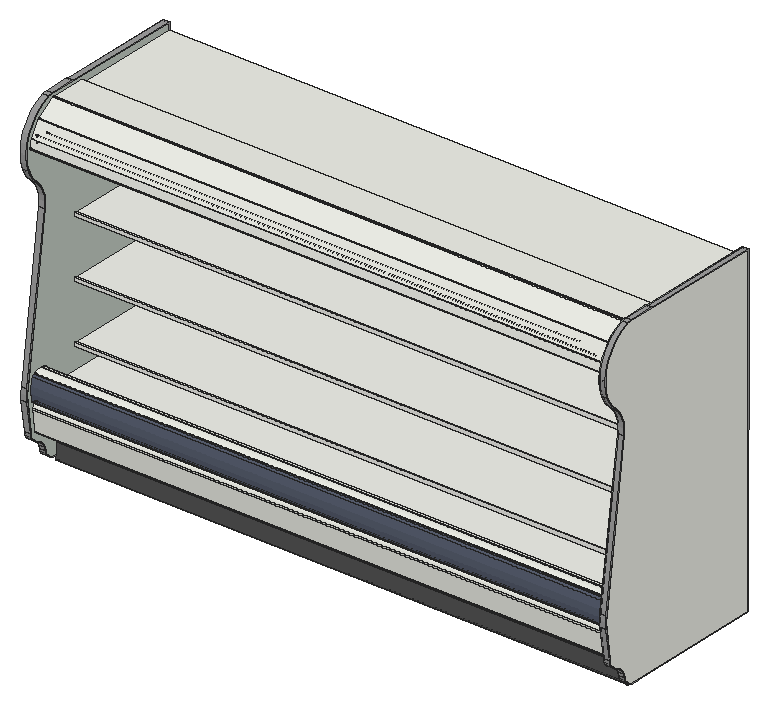
Revit family "ID5SM_2014", category Specialty Equipment, Revit 2014
Parameters (values of type "12'-0" Length")
  Width = 144 3/8"
  Waste Outlet Location = if(Width = 48 1/8", 24", if(Width = 72 1/4", 24", if(Width = 96 1/4", 24", if(Width = 144 3/8", 72", 0"))))  # 72"
  Waste Drain = 1 1/4"  # constant formula
  URL = "www.hussmann.com"
  Type Comments = ""
  Trim = Stainless Steel
  Total Weight = Case Weight + (2 * End Weight)  # 1300.00 lbf
  Top Clearance = 1 1/2"  # constant formula
  Supports = Width = 144 3/8"  # yes
  Splashguard = Textured Sheet Metal (Steel Painted) - 701 Black
  Side Panel - Right [instance] = yes
  Side Panel - Left [instance] = yes
  Shelves = Sheet Metal (Steel Painted) - 700 Interior White
  Shelf Lights [instance] = yes
  Shelf = yes
  Revit Family Date = "11/24/2015"  # constant formula
  Refrigeration Lines Suction = 7/8"  # constant formula
  Refrigeration Lines Liquid = 3/8"  # constant formula
  Refrig. Suction = "Suction"
  Refrig. Liquid = "Liquid"
  Number of Shelves = 4  # constant formula
  Note from Manufacturer = "This model only comes in 4'-0\", 6'-0\", 8'-0\", and 12'-0\" lengths."
  Model = "ID5SM"  # constant formula
  Manufacturer Disclaimer = "The information in this file is not intended to be an exact representation of the corresponding Hussmann product.  Further, we reserve the right to change or revise specifications and product design in connection with any feature of our products. Such changes do not entitle the buyer to corresponding changes, improvements, additions, or replacements for equipment previously sold or shipped."  # constant formula
  Manufacturer = "Hussmann Corporation"  # constant formula
  Height = 84 1/4"  # constant formula
  Ends = Textured Sheet Metal (Steel Painted) - 149 White Satin Matte
  End Weight = 100.00 lbf  # constant formula
  Description = ""
  Depth = 43 1/2"  # constant formula
  Clearance [instance] = no
  Center Support 1 = Width = 72 1/4"  # no
  Center Support 2 = Width = 96 1/4"  # no
  Case Weight = if(Width = 48 1/8", 700.00 lbf, if(Width = 72 1/4", 850.00 lbf, if(Width = 96 1/4", 1000.00 lbf, if(Width = 144 3/8", 1100.00 lbf, 0.00 lbf))))  # 1100.00 lbf
  Case Interior - Side Panel = Mirror
  Case Interior - Back Panel = Sheet Metal (Steel Painted) - 700 Interior White
  Case = Textured Sheet Metal (Steel Painted) - 149 White Satin Matte
  Bumper = Extruded PVC - 739 Royal Blue
  Back Clearance = 1 1/2"  # constant formula
  Assembly Code = ""
  Accessories/Options = ""
Reference planes (in)
  plane 1 "Back": y = 0
  plane 2 "Bottom": z = 0
  plane 3 "Top": z = 84.25
  plane 4 "Left": x = -77.30699
  plane 5 "Front": y = -43.5
  plane 6 "Center (Left/Right)": x = -5.11949
  plane 7: y = 1.5
  plane 8: x = -78.80699
  plane 9 "Right": x = 67.06801
  plane 10: x = 68.56801
  plane 11: z = 24
  plane 12: z = 68
  plane 13: z = 85.75
Forms (in)
  Extrusion 1, solid, material "Metal - Copper"
    sketch origin (63.0625, 1.04319, 0) x (1, 0, 0) y (0, 1, 0)
      loop
        arc (-67.99449, -33.91968) -> (-68.43643, -34.10274) -> (-68.61949, -34.54468) r 0.625
        arc (-68.61949, -34.54468) -> (-68.43643, -34.98662) -> (-67.99449, -35.16968) r 0.625
        arc (-67.99449, -35.16968) -> (-67.55254, -34.98662) -> (-67.36949, -34.54468) r 0.625
        arc (-67.36949, -34.54468) -> (-67.55254, -34.10274) -> (-67.99449, -33.91968) r 0.625
      loop
        circle (-67.99449, -34.54468) r 0.5852
    from 5.83681 to 0
  Extrusion 2, solid, material "Metal - Copper"
    sketch origin (57.40105, 5, -0.375) x (1, 0, 0) y (0, 1, 0)
      loop
        circle (0.87299, -33.71552) r 0.41359
      loop
        circle (0.87299, -33.71552) r 0.4375
    from 6.21181 to 0.375
  Extrusion 3, solid, material "Metal - Copper"
    sketch origin (59.82608, 5, -0.375) x (1, 0, 0) y (0, 1, 0)
      loop
        circle (-0.92704, -33.71552) r 0.17188
      loop
        circle (-0.92704, -33.71552) r 0.1875
    from 6.21181 to 0.375
  Extrusion 4, solid, material "Extruded PVC - 739 Royal Blue" <- "Bumper"
    sketch origin (-5.11949, 0, 0) x (0, 1, 0) y (0, 0, 1)
      loop
        line (-42.06364, 22.25458) -> (-42.24117, 22.66821) -> (-42.29352, 22.66821)
        arc (-42.29352, 22.66821) -> (-42.45612, 22.6434) -> (-42.61315, 22.59442) r 1.09071
        arc (-42.61315, 22.59442) -> (-42.90263, 22.41495) -> (-43.11188, 22.14621) r 0.96652
        arc (-43.11188, 22.14621) -> (-43.54736, 19.36628) -> (-43.11188, 16.58635) r 9.09066
        arc (-43.11188, 16.58635) -> (-42.90263, 16.31761) -> (-42.61315, 16.13814) r 0.96652
        arc (-42.61315, 16.13814) -> (-42.58068, 16.12585) -> (-42.54783, 16.11459) r 1.09071
        arc (-42.54783, 16.11459) -> (-42.48276, 16.11013) -> (-42.42329, 16.1369) r 0.13406
        line (-42.42329, 16.1369) -> (-42.06364, 16.49655) -> (-42.06364, 22.25458)
    from 72.1875 to -72.1875
  Extrusion 5, solid, material "Sheet Metal (Steel Painted) - 700 Interior White" <- "Shelves"
    sketch origin (-5.11949, 0, 0) x (0, 1, 0) y (0, 0, 1)
      loop
        line (-36.37259, 17.80485) -> (-36.37259, 17.31864) -> (-36.77772, 17.31864)
        arc (-36.77772, 17.31864) -> (-36.87626, 17.30567) -> (-36.96809, 17.26764) r 0.38073
        line (-36.96809, 17.26764) -> (-37.11188, 17.18462) -> (-37.11188, 16.79819) -> (-37.06655, 16.79819) -> (-36.78399, 16.96132) -> (-35.38688, 16.96132) -> (-35.38688, 17.18878) -> (-10.12574, 17.18878) -> (-10.12574, 17.33368) -> (-9.48404, 17.33368) -> (-9.48404, 16.97586) -> (-8.56986, 16.97586) -> (-8.28645, 16.81223) -> (-8.2381, 16.81223) -> (-8.2381, 17.20204) -> (-8.3761, 17.28171)
        arc (-8.3761, 17.28171) -> (-8.46787, 17.31973) -> (-8.56634, 17.33269) r 0.38049
        line (-8.56634, 17.33269) -> (-9.14496, 17.33368)
        arc (-9.14496, 17.33368) -> (-9.0296, 17.38146) -> (-8.98182, 17.49681) r 0.16314
        arc (-8.98182, 17.49681) -> (-9.0296, 17.61217) -> (-9.14496, 17.65995) r 0.16314
        line (-9.14496, 17.65995) -> (-9.27223, 17.75781) -> (-10.12574, 17.75781) -> (-10.12574, 17.80485) -> (-36.37259, 17.80485)
      loop
        line (-37.07349, 14.23639) -> (-36.07658, 14.36366)
        arc (-36.07658, 14.36366) -> (-35.91979, 14.44878) -> (-35.86124, 14.61742) r 0.24643
        arc (-35.86124, 14.61742) -> (-35.82279, 14.72871) -> (-35.71931, 14.78489) r 0.16264
        line (-35.71931, 14.78489) -> (-25.3253, 16.11179)
        arc (-25.3253, 16.11179) -> (-24.42957, 16.19734) -> (-23.53022, 16.2259) r 14.17557
        line (-23.53022, 16.2259) -> (-20.05164, 16.2259)
        arc (-20.05164, 16.2259) -> (-19.96233, 16.25262) -> (-19.90236, 16.32398) r 0.16264
        arc (-19.90236, 16.32398) -> (-19.84239, 16.39535) -> (-19.75308, 16.42206) r 0.16264
        line (-19.75308, 16.42206) -> (-8.52544, 16.42206)
        arc (-8.52544, 16.42206) -> (-8.41044, 16.37442) -> (-8.3628, 16.25942) r 0.16264
        line (-8.3628, 16.25942) -> (-8.3628, 15.90259)
        arc (-8.3628, 15.90259) -> (-8.29062, 15.72834) -> (-8.11637, 15.65616) r 0.24643
        line (-8.11637, 15.65616) -> (-7.79755, 15.65616) -> (-7.79755, 15.72812) -> (-8.04441, 15.72812)
        arc (-8.04441, 15.72812) -> (-8.21867, 15.80029) -> (-8.29084, 15.97455) r 0.24643
        line (-8.29084, 15.97455) -> (-8.29084, 16.45089)
        arc (-8.29084, 16.45089) -> (-8.32693, 16.53802) -> (-8.41406, 16.57411) r 0.12321
        line (-8.41406, 16.57411) -> (-19.82985, 16.57411)
        arc (-19.82985, 16.57411) -> (-19.91938, 16.54725) -> (-19.97934, 16.47553) r 0.16264
        arc (-19.97934, 16.47553) -> (-20.0393, 16.40382) -> (-20.12883, 16.37696) r 0.16264
        line (-20.12883, 16.37696) -> (-23.53022, 16.37696)
        arc (-23.53022, 16.37696) -> (-24.43916, 16.3481) -> (-25.34443, 16.26163) r 14.32663
        line (-25.34443, 16.26163) -> (-36.66451, 14.81652) -> (-36.71622, 14.80991)
        arc (-36.71622, 14.80991) -> (-36.81769, 14.75606) -> (-36.85826, 14.64858) r 0.16264
        line (-36.85826, 14.64858) -> (-36.85826, 14.48084)
        arc (-36.85826, 14.48084) -> (-36.91974, 14.31799) -> (-37.07349, 14.23639) r 0.24643
    from 72.1875 to -72.1875
  Extrusion 6, solid, material "Sheet Metal (Steel Painted) - 700 Interior White" <- "Case Interior - Back Panel"
    sketch origin (-5.11949, 0, 0) x (0, 1, 0) y (0, 0, 1)
      loop
        line (-32.13876, 76.46701) -> (-7.70304, 76.25376) -> (-7.70304, 16.99656) -> (-6.45743, 16.99805) -> (-6.45743, 76.61255) -> (-32.13553, 76.83664) -> (-32.13876, 76.46701)
    from 72.1875 to -72.1875
  Extrusion 7, solid, material "Textured Sheet Metal (Steel Painted) - 701 Black" <- "Splashguard"
    sketch origin (-5.11949, 0, 0) x (0, 1, 0) y (0, 0, 1)
      loop
        line (-35.53, 4.08973) -> (-35.53, 0.04906)
        arc (-35.53, 0.04906) -> (-35.50503, 0.00582) -> (-35.4551, 0.00582) r 0.04993
        line (-35.4551, 0.00582) -> (-35.38021, 0.04906) -> (-35.18205, 0.04906)
        arc (-35.18205, 0.04906) -> (-35.10246, 0) -> (-35.04167, 0.07104) r 0.07191
        line (-35.04167, 0.07104) -> (-35.04167, 4.37291)
        arc (-35.04167, 4.37291) -> (-35.06897, 4.41742) -> (-35.12102, 4.41326) r 0.04993
        line (-35.12102, 4.41326) -> (-35.50948, 4.13008)
        arc (-35.50948, 4.13008) -> (-35.52458, 4.11236) -> (-35.53, 4.08973) r 0.04993
    from 72.1875 to -72.1875
  Extrusion 8, solid, material "Sheet Metal (Steel Painted) - 700 Interior White" <- "Case Interior - Back Panel"
    sketch origin (-5.11949, 0, 0) x (0, 1, 0) y (0, 0, 1)
      loop
        arc (-41.8562, 74.41451) -> (-41.82752, 74.38583) -> (-41.79884, 74.41451) r 0.02868
        line (-41.79884, 74.41451) -> (-41.79884, 75.61797) -> (-40.87295, 75.61797) -> (-40.87295, 74.41739) -> (-39.70488, 74.41739) -> (-39.70488, 75.61797) -> (-39.42198, 75.61797) -> (-39.42198, 75.5401) -> (-39.30961, 75.5401) -> (-39.30961, 75.29663) -> (-38.99517, 75.29663) -> (-38.99517, 75.5401) -> (-38.88279, 75.5401) -> (-38.88279, 75.61797) -> (-38.22649, 75.61797) -> (-38.22649, 75.51965) -> (-38.44795, 75.51965)
        arc (-38.44795, 75.51965) -> (-38.49326, 75.50089) -> (-38.51202, 75.45558) r 0.06407
        line (-38.51202, 75.45558) -> (-38.51202, 75.16031) -> (-38.46347, 75.12297) -> (-38.40116, 75.07364)
        arc (-38.40116, 75.07364) -> (-38.2526, 74.98505) -> (-38.08241, 74.95422) r 0.4851
        line (-38.08241, 74.95422) -> (-37.44234, 74.95422)
        arc (-37.44234, 74.95422) -> (-37.4093, 74.9679) -> (-37.39562, 75.00094) r 0.04673
        arc (-37.39562, 75.00094) -> (-37.42098, 75.02751) -> (-37.4449, 74.99965) r 0.02477
        line (-37.4449, 74.99965) -> (-37.79457, 74.99965) -> (-37.79457, 75.24809) -> (-37.42388, 75.24809)
        arc (-37.42388, 75.24809) -> (-37.39924, 75.27274) -> (-37.42388, 75.29738) r 0.02464
        line (-37.42388, 75.29738) -> (-32.14897, 75.29738) -> (-32.14897, 76.83675) -> (-30.43419, 76.82179) -> (-30.43538, 78.5034) -> (-31.66631, 78.51414) -> (-31.66631, 79.98275) -> (-35.28512, 79.98275) -> (-35.28512, 79.26121) -> (-35.28512, 79.1721)
        arc (-35.28512, 79.1721) -> (-35.29666, 79.12003) -> (-35.32913, 79.07771) r 0.12321
        line (-35.32913, 79.07771) -> (-38.24936, 76.60225)
        arc (-38.24936, 76.60225) -> (-38.26067, 76.58739) -> (-38.26469, 76.56915) r 0.04339
        line (-38.26469, 76.56915) -> (-38.26469, 75.64657) -> (-41.81281, 75.64657)
        arc (-41.81281, 75.64657) -> (-41.84349, 75.63386) -> (-41.8562, 75.60318) r 0.04339
        line (-41.8562, 75.60318) -> (-41.8562, 74.41451)
    from 72.1875 to -72.1875
  Extrusion 9, solid, material "Textured Sheet Metal (Steel Painted) - 149 White Satin Matte" <- "Ends", visible <- "Side Panel - Right"
    sketch origin (67.06801, 0, 0) x (0, 0, 1) y (0, -1, 0)
      loop
        arc (83.0607, 37.60363) -> (75.03781, 44.49786) -> (64.98219, 41.21432) r 10.78135
        arc (64.98219, 41.21432) -> (61.93141, 39.19244) -> (58.28941, 38.83034) r 7.60258
        line (58.28941, 38.83034) -> (19.94118, 44.39074)
        arc (19.94118, 44.39074) -> (18.42445, 44.5018) -> (16.90724, 44.39737) r 10.73316
        line (16.90724, 44.39737) -> (9.27027, 43.32406)
        arc (9.27027, 43.32406) -> (7.86549, 42.76653) -> (6.87277, 41.6269) r 3.20287
        line (6.87277, 41.6269) -> (6.21445, 40.35751)
        arc (6.21445, 40.35751) -> (5.47743, 39.45737) -> (4.43987, 38.93113) r 2.82135
        line (4.43987, 38.93113) -> (3.4866, 38.67578)
        arc (3.4866, 38.67578) -> (1.77438, 37.53187) -> (1.11243, 35.58198) r 3.20287
        line (1.11243, 35.58198) -> (1.11243, 34.53778) -> (1.25501, 34.53778) -> (1.25501, 32.35989) -> (1.255, -0.29029) -> (83.065, -0.29029) -> (83.065, 29.9682) -> (83.25577, 29.9682) -> (83.25577, 36.49445)
        arc (83.25577, 36.49445) -> (83.20663, 37.05755) -> (83.0607, 37.60363) r 3.25107
    from 1.5 to 0.01562
  Sweep 10, solid, material "Stainless Steel" <- "Trim", visible <- "Side Panel - Right"
    path origin (67.06801, 0, 0) x (0, 0, 1) y (0, -1, 0)
      loop
        line (83.065, 29.9682) -> (83.25577, 29.9682) -> (83.25577, 36.49445)
        arc (83.25577, 36.49445) -> (83.20663, 37.05755) -> (83.0607, 37.60363) r 3.25107
        arc (83.0607, 37.60363) -> (75.03781, 44.49786) -> (64.98219, 41.21432) r 10.78135
        arc (64.98219, 41.21432) -> (61.93141, 39.19244) -> (58.28941, 38.83034) r 7.60258
        line (58.28941, 38.83034) -> (19.94118, 44.39074)
        arc (19.94118, 44.39074) -> (18.42445, 44.5018) -> (16.90724, 44.39737) r 10.73316
        line (16.90724, 44.39737) -> (9.27027, 43.32406)
        arc (9.27027, 43.32406) -> (7.86549, 42.76653) -> (6.87277, 41.6269) r 3.20287
        line (6.87277, 41.6269) -> (6.21445, 40.35751)
        arc (6.21445, 40.35751) -> (5.47743, 39.45737) -> (4.43987, 38.93113) r 2.82135
        line (4.43987, 38.93113) -> (3.4866, 38.67578)
        arc (3.4866, 38.67578) -> (1.77438, 37.53187) -> (1.11243, 35.58198) r 3.20287
        line (1.11243, 35.58198) -> (1.11243, 34.53778) -> (1.25501, 34.53778) -> (1.255, 32.35989) -> (1.255, -0.29029) -> (83.065, -0.29029) -> (83.065, 29.9682)
    profile origin (67.06801, -14.83896, 83.065) x (0, 0, 1) y (1, 0, 0)
      loop
        line (0, 0) -> (0.03125, 0) -> (0.03125, 1.5) -> (0, 1.5) -> (0, 0)
  Extrusion 11, solid, material "Mirror" <- "Case Interior - Side Panel", visible <- "Side Panel - Right"
    sketch origin (67.06801, 0, 0) x (0, 0, 1) y (0, -1, 0)
      loop
        arc (83.0607, 37.60363) -> (75.03781, 44.49786) -> (64.98219, 41.21432) r 10.78135
        arc (64.98219, 41.21432) -> (61.93141, 39.19244) -> (58.28941, 38.83034) r 7.60258
        line (58.28941, 38.83034) -> (19.94118, 44.39074)
        arc (19.94118, 44.39074) -> (18.42445, 44.5018) -> (16.90724, 44.39737) r 10.73316
        line (16.90724, 44.39737) -> (9.27027, 43.32406)
        arc (9.27027, 43.32406) -> (7.86549, 42.76653) -> (6.87277, 41.6269) r 3.20287
        line (6.87277, 41.6269) -> (6.21445, 40.35751)
        arc (6.21445, 40.35751) -> (5.47743, 39.45737) -> (4.43987, 38.93113) r 2.82135
        line (4.43987, 38.93113) -> (3.4866, 38.67578)
        arc (3.4866, 38.67578) -> (1.77438, 37.53187) -> (1.11243, 35.58198) r 3.20287
        line (1.11243, 35.58198) -> (1.11243, 34.53778) -> (1.25501, 34.53778) -> (1.25501, 32.35989) -> (1.255, -0.29029) -> (83.065, -0.29029) -> (83.065, 29.9682) -> (83.25577, 29.9682) -> (83.25577, 36.49445)
        arc (83.25577, 36.49445) -> (83.20663, 37.05755) -> (83.0607, 37.60363) r 3.25107
    from 0.01563 to 0
  Extrusion 12, solid, material "Textured Sheet Metal (Steel Painted) - 149 White Satin Matte" <- "Case"
    sketch origin (-5.11949, 0, 0) x (0, 1, 0) y (0, 0, 1)
      loop
        arc (-38.95704, 75.65756) -> (-39.0434, 75.69333) -> (-39.08025, 75.7797) r 0.12214
        line (-39.08025, 75.7797) -> (-39.08025, 75.99336)
        arc (-39.08025, 75.99336) -> (-39.11634, 76.08049) -> (-39.20346, 76.11658) r 0.12321
        line (-39.20346, 76.11658) -> (-39.82765, 76.11658) -> (-41.31459, 76.11658) -> (-41.31459, 75.74742) -> (-41.74585, 75.74742)
        spline (-41.74585, 75.74742) -> (-41.75389, 75.74794) -> (-41.76179, 75.74952) -> (-41.76942, 75.75211) -> (-41.77665, 75.75567) -> (-41.78335, 75.76014) -> (-41.78941, 75.76546) -> (-41.79472, 75.77151) -> (-41.7992, 75.77821) -> (-41.80276, 75.78544) -> (-41.80535, 75.79307) -> (-41.80692, 75.80097) -> (-41.80745, 75.80901)
        line (-41.80745, 75.80901) -> (-41.80745, 76.05498)
        spline (-41.80745, 76.05498) -> (-41.80798, 76.06302) -> (-41.80955, 76.07092) -> (-41.81214, 76.07855) -> (-41.8157, 76.08578) -> (-41.82018, 76.09248) -> (-41.82549, 76.09854) -> (-41.83155, 76.10385) -> (-41.83825, 76.10833) -> (-41.84547, 76.11189) -> (-41.8531, 76.11448) -> (-41.86101, 76.11605) -> (-41.86905, 76.11658)
        line (-41.86905, 76.11658) -> (-42.11598, 76.11658)
        arc (-42.11598, 76.11658) -> (-42.15917, 76.0987) -> (-42.17709, 76.05552) r 0.06111
        line (-42.17709, 76.05552) -> (-42.17733, 75.78482)
        arc (-42.17733, 75.78482) -> (-42.18796, 75.69526) -> (-42.21925, 75.61067) r 0.38266
        line (-42.21925, 75.61067) -> (-42.29629, 75.33325) -> (-42.40118, 74.83665)
        arc (-42.40118, 74.83665) -> (-42.4434, 74.72105) -> (-42.51389, 74.62018) r 0.47516
        line (-42.51389, 74.62018) -> (-42.59811, 74.5279)
        arc (-42.59811, 74.5279) -> (-42.61565, 74.4881) -> (-42.60556, 74.44579) r 0.06818
        arc (-42.60556, 74.44579) -> (-42.56135, 74.28159) -> (-42.52434, 74.11561) r 3.89985
        arc (-42.52434, 74.11561) -> (-42.57186, 73.87325) -> (-42.71439, 73.67156) r 0.59024
        line (-42.71439, 73.67156) -> (-42.84902, 73.54776)
        arc (-42.84902, 73.54776) -> (-42.88766, 73.52366) -> (-42.93241, 73.51525) r 0.12321
        line (-42.93241, 73.51525) -> (-43.32887, 73.51525)
        arc (-43.32887, 73.51525) -> (-43.37947, 73.52612) -> (-43.42114, 73.55681) r 0.12321
        line (-43.42114, 73.55681) -> (-43.79284, 73.97691)
        arc (-43.79284, 73.97691) -> (-43.81985, 74.02771) -> (-43.82085, 74.08524) r 0.12321
        line (-43.82085, 74.08524) -> (-43.39839, 75.98932)
        arc (-43.39839, 75.98932) -> (-43.38812, 76.0222) -> (-43.37249, 76.05288) r 0.20453
        line (-43.37249, 76.05288) -> (-41.23943, 79.48962)
        arc (-41.23943, 79.48962) -> (-41.18477, 79.54438) -> (-41.11152, 79.5693) r 0.17034
        arc (-41.11152, 79.5693) -> (-41.07961, 79.57024) -> (-41.04788, 79.56674) r 0.22973
        arc (-41.04788, 79.56674) -> (-41.04098, 79.58513) -> (-41.02722, 79.59914) r 0.04731
        line (-41.02722, 79.59914) -> (-36.73185, 82.44386)
        arc (-36.73185, 82.44386) -> (-36.60177, 82.50489) -> (-36.45963, 82.52583) r 0.49301
        line (-36.45963, 82.52583) -> (-36.3599, 82.52583) -> (-36.11895, 82.52583) -> (-27.61232, 82.52583) -> (-27.61232, 81.51899) -> (0, 81.51899) -> (0, 10.26407) -> (-8.95245, 5.83681) -> (-35.17501, 5.83681) -> (-35.32861, 5.91909) -> (-36.16925, 6.3694) -> (-36.25637, 6.20677)
        arc (-36.25637, 6.20677) -> (-36.28438, 6.18382) -> (-36.32041, 6.18741) r 0.04731
        line (-36.32041, 6.18741) -> (-42.14425, 9.30712)
        arc (-42.14425, 9.30712) -> (-42.21812, 9.36447) -> (-42.26888, 9.443) r 0.27895
        line (-42.26888, 9.443) -> (-42.89334, 14.55887)
        arc (-42.89334, 14.55887) -> (-42.90733, 14.7889) -> (-42.87281, 15.01675) r 1.09394
        arc (-42.87281, 15.01675) -> (-42.65079, 15.50727) -> (-42.27691, 15.89472) r 1.57952
        arc (-42.27691, 15.89472) -> (-42.22757, 15.89874) -> (-42.20164, 15.85656) r 0.04731
        line (-42.20164, 15.85656) -> (-42.20164, 15.54212)
        spline (-42.20164, 15.54212) -> (-42.19586, 15.54452) -> (-42.19036, 15.5475) -> (-42.18519, 15.55102) -> (-42.18041, 15.55506) -> (-42.17607, 15.55956) -> (-42.17221, 15.56448) -> (-42.16887, 15.56977) -> (-42.16609, 15.57537) -> (-42.1639, 15.58123) -> (-42.16232, 15.58729) -> (-42.16136, 15.59347) -> (-42.16104, 15.59972)
        line (-42.16104, 15.59972) -> (-42.16104, 16.18885)
        spline (-42.16104, 16.18885) -> (-42.16221, 16.20078) -> (-42.16569, 16.21224) -> (-42.17134, 16.22281) -> (-42.17894, 16.23207) -> (-42.1882, 16.23967) -> (-42.19876, 16.24532) -> (-42.21023, 16.2488) -> (-42.22215, 16.24997) -> (-42.23407, 16.2488) -> (-42.24554, 16.24532) -> (-42.2561, 16.23967) -> (-42.26537, 16.23207)
        line (-42.26537, 16.23207) -> (-42.34445, 16.15298)
        arc (-42.34445, 16.15298) -> (-42.38146, 16.13309) -> (-42.42329, 16.1369) r 0.07294
        line (-42.42329, 16.1369) -> (-42.06364, 16.49655) -> (-42.06364, 22.25458) -> (-42.24117, 22.66821)
        arc (-42.24117, 22.66821) -> (-42.25057, 22.70736) -> (-42.22764, 22.74045) r 0.04929
        arc (-42.22764, 22.74045) -> (-41.29531, 23.11311) -> (-40.29263, 23.16558) r 3.07518
        arc (-40.29263, 23.16558) -> (-40.26067, 23.14972) -> (-40.24776, 23.11646) r 0.04929
        arc (-40.24776, 23.11646) -> (-40.21547, 23.155) -> (-40.16644, 23.16613) r 0.07874
        line (-40.16644, 23.16613) -> (-39.26523, 23.03334)
        arc (-39.26523, 23.03334) -> (-39.24403, 23.0267) -> (-39.22593, 23.01384) r 0.07098
        line (-39.22593, 23.01384) -> (-38.31006, 22.11752)
        arc (-38.31006, 22.11752) -> (-38.29682, 22.09969) -> (-38.28973, 22.07865) r 0.07098
        line (-38.28973, 22.07865) -> (-38.13388, 21.15896) -> (-38.13388, 14.07298) -> (-38.02084, 14.08287) -> (-38.02493, 14.11493) -> (-37.04715, 14.23976) -> (-25.27812, 15.74219)
        arc (-25.27812, 15.74219) -> (-24.40593, 15.8255) -> (-23.53022, 15.8533) r 13.80297
        line (-23.53022, 15.8533) -> (-16.82245, 15.8533)
        arc (-16.82245, 15.8533) -> (-16.6704, 15.90581) -> (-16.58314, 16.04094) r 0.24643
        arc (-16.58314, 16.04094) -> (-16.52555, 16.13014) -> (-16.42519, 16.16479) r 0.16264
        line (-16.42519, 16.16479) -> (-8.52544, 16.16479)
        arc (-8.52544, 16.16479) -> (-8.41044, 16.11715) -> (-8.3628, 16.00215) r 0.16264
        line (-8.3628, 16.00215) -> (-8.3628, 15.90259)
        arc (-8.3628, 15.90259) -> (-8.29062, 15.72834) -> (-8.11637, 15.65616) r 0.24643
        line (-8.11637, 15.65616) -> (-7.6995, 15.65616)
        arc (-7.6995, 15.65616) -> (-7.60495, 15.8333) -> (-7.51622, 16.01343) r 6.16849
        arc (-7.51622, 16.01343) -> (-7.13864, 16.66899) -> (-6.45743, 16.99802) r 1.28353
        line (-6.45743, 16.99802) -> (-6.45743, 76.61255) -> (-30.43419, 76.82179) -> (-30.43419, 78.5034) -> (-31.66512, 78.51414) -> (-31.66512, 79.98275) -> (-35.2999, 79.98275) -> (-35.2999, 79.1721)
        arc (-35.2999, 79.1721) -> (-35.31006, 79.12628) -> (-35.33864, 79.08904) r 0.10843
        line (-35.33864, 79.08904) -> (-37.90354, 76.91753) -> (-38.23507, 76.63934)
        arc (-38.23507, 76.63934) -> (-38.26754, 76.59703) -> (-38.27908, 76.54495) r 0.12321
        line (-38.27908, 76.54495) -> (-38.27908, 75.7797)
        arc (-38.27908, 75.7797) -> (-38.31517, 75.69257) -> (-38.4023, 75.65648) r 0.12321
        line (-38.4023, 75.65648) -> (-38.95363, 75.65648)
    from 72.1875 to -72.1875
  Extrusion 13, solid, material "Textured Sheet Metal (Steel Painted) - 149 White Satin Matte" <- "Ends", visible <- "Side Panel - Left"
    sketch origin (-77.30699, 0, 0) x (0, 0, 1) y (0, 1, 0)
      loop
        arc (83.0607, -37.60363) -> (83.20663, -37.05755) -> (83.25577, -36.49445) r 3.25107
        line (83.25577, -36.49445) -> (83.25577, -29.9682) -> (83.065, -29.9682) -> (83.065, 0.29029) -> (1.255, 0.29029) -> (1.25501, -32.35989) -> (1.25501, -34.53778) -> (1.11243, -34.53778) -> (1.11243, -35.58198)
        arc (1.11243, -35.58198) -> (1.77438, -37.53187) -> (3.4866, -38.67578) r 3.20287
        line (3.4866, -38.67578) -> (4.43987, -38.93113)
        arc (4.43987, -38.93113) -> (5.47743, -39.45737) -> (6.21445, -40.35751) r 2.82135
        line (6.21445, -40.35751) -> (6.87277, -41.6269)
        arc (6.87277, -41.6269) -> (7.86549, -42.76653) -> (9.27027, -43.32406) r 3.20287
        line (9.27027, -43.32406) -> (16.90724, -44.39737)
        arc (16.90724, -44.39737) -> (18.42445, -44.5018) -> (19.94118, -44.39074) r 10.73316
        line (19.94118, -44.39074) -> (58.28941, -38.83034)
        arc (58.28941, -38.83034) -> (61.93141, -39.19244) -> (64.98219, -41.21432) r 7.60258
        arc (64.98219, -41.21432) -> (75.03781, -44.49786) -> (83.0607, -37.60363) r 10.78135
    from 1.5 to 0.01562
  Sweep 14, solid, material "Stainless Steel" <- "Trim", visible <- "Side Panel - Left"
    path origin (-77.30699, 0, 0) x (0, 0, 1) y (0, 1, 0)
      loop
        line (83.065, -29.9682) -> (83.065, 0.29029) -> (1.255, 0.29029) -> (1.255, -32.35989) -> (1.25501, -34.53778) -> (1.11243, -34.53778) -> (1.11243, -35.58198)
        arc (1.11243, -35.58198) -> (1.77438, -37.53187) -> (3.4866, -38.67578) r 3.20287
        line (3.4866, -38.67578) -> (4.43987, -38.93113)
        arc (4.43987, -38.93113) -> (5.47743, -39.45737) -> (6.21445, -40.35751) r 2.82135
        line (6.21445, -40.35751) -> (6.87277, -41.6269)
        arc (6.87277, -41.6269) -> (7.86549, -42.76653) -> (9.27027, -43.32406) r 3.20287
        line (9.27027, -43.32406) -> (16.90724, -44.39737)
        arc (16.90724, -44.39737) -> (18.42445, -44.5018) -> (19.94118, -44.39074) r 10.73316
        line (19.94118, -44.39074) -> (58.28941, -38.83034)
        arc (58.28941, -38.83034) -> (61.93141, -39.19244) -> (64.98219, -41.21432) r 7.60258
        arc (64.98219, -41.21432) -> (75.03781, -44.49786) -> (83.0607, -37.60363) r 10.78135
        arc (83.0607, -37.60363) -> (83.20663, -37.05755) -> (83.25577, -36.49445) r 3.25107
        line (83.25577, -36.49445) -> (83.25577, -29.9682) -> (83.065, -29.9682)
    profile origin (-77.30699, -14.83896, 83.065) x (0, 0, -1) y (-1, 0, 0)
      loop
        line (0, 0) -> (0, 1.5) -> (-0.03125, 1.5) -> (-0.03125, 0) -> (0, 0)
  Extrusion 15, solid, material "Mirror" <- "Case Interior - Side Panel", visible <- "Side Panel - Left"
    sketch origin (-77.30699, 0, 0) x (0, 0, 1) y (0, 1, 0)
      loop
        arc (83.0607, -37.60363) -> (83.20663, -37.05755) -> (83.25577, -36.49445) r 3.25107
        line (83.25577, -36.49445) -> (83.25577, -29.9682) -> (83.065, -29.9682) -> (83.065, 0.29029) -> (1.255, 0.29029) -> (1.25501, -32.35989) -> (1.25501, -34.53778) -> (1.11243, -34.53778) -> (1.11243, -35.58198)
        arc (1.11243, -35.58198) -> (1.77438, -37.53187) -> (3.4866, -38.67578) r 3.20287
        line (3.4866, -38.67578) -> (4.43987, -38.93113)
        arc (4.43987, -38.93113) -> (5.47743, -39.45737) -> (6.21445, -40.35751) r 2.82135
        line (6.21445, -40.35751) -> (6.87277, -41.6269)
        arc (6.87277, -41.6269) -> (7.86549, -42.76653) -> (9.27027, -43.32406) r 3.20287
        line (9.27027, -43.32406) -> (16.90724, -44.39737)
        arc (16.90724, -44.39737) -> (18.42445, -44.5018) -> (19.94118, -44.39074) r 10.73316
        line (19.94118, -44.39074) -> (58.28941, -38.83034)
        arc (58.28941, -38.83034) -> (61.93141, -39.19244) -> (64.98219, -41.21432) r 7.60258
        arc (64.98219, -41.21432) -> (75.03781, -44.49786) -> (83.0607, -37.60363) r 10.78135
    from 0.01563 to 0
  Extrusion 16, solid, material "Textured Sheet Metal (Steel Painted) - 149 White Satin Matte" <- "Case"
    sketch origin (-5.11949, 0, 0) x (0, 1, 0) y (0, 0, 1)
      loop
        arc (-36.06821, 5.56404) -> (-36.06152, 5.53907) -> (-36.04325, 5.5208) r 0.04993
        line (-36.04325, 5.5208) -> (-35.04167, 4.94254) -> (-35.04167, 2.53989) -> (-35.00672, 2.53989) -> (-35.00672, 4.93389)
        arc (-35.00672, 4.93389) -> (-35.01341, 4.95886) -> (-35.03169, 4.97713) r 0.04993
        line (-35.03169, 4.97713) -> (-36.03326, 5.55539) -> (-36.03326, 6.22125) -> (-36.06821, 6.22125) -> (-36.06821, 5.56404)
    from 72.1875 to -72.1875
Lines and regions (in)
  reference lines
    curve 1: line (-4.93199, -43.5, 0) -> (-4.93199, 0, 0)
    curve 2: line (58.71154, -43.5, 0) -> (58.71154, 0, 0)
    curve 3: line (-77.30699, -33.50149, 0) -> (67.06801, -33.50149, 0)
    curve 4: line (67.06801, -28.71552, 0) -> (-77.30699, -28.71552, 0)
  symbolic lines, style "Clearance", visible <- "Clearance"
    curve 5: line (-77.30699, 0, 0) -> (-77.30699, 1.5, 0)
    curve 6: line (-77.30699, 1.5, 0) -> (67.06801, 1.5, 0)
    curve 7: line (67.06801, 1.5, 0) -> (67.06801, 0, 0)
    curve 8: line (-5.11949, 0, 81.51899) -> (-5.11949, 0, 85.75)
    curve 9: line (-5.11949, 0, 85.75) -> (-5.11949, -43.5, 85.75)
    curve 10: line (-5.11949, -43.5, 85.75) -> (-5.11949, -43.5, 77.94994)
    curve 11: line (-77.30699, 0, 83.28702) -> (-77.30699, 0, 85.75)
    curve 12: line (-77.30699, 0, 85.75) -> (67.06801, 0, 85.75)
    curve 13: line (67.06801, 0, 85.75) -> (67.06801, 0, 83.28702)
    curve 14: line (-5.11949, 0, 81.51899) -> (-5.11949, 1.5, 81.51899)
    curve 15: line (-5.11949, 1.5, 81.51899) -> (-5.11949, 1.5, 0)
    curve 16: line (-5.11949, 1.5, 0) -> (-5.11949, 0, 0)
  model lines, style "SpecialityEquipment"
    curve 17: line (-5.11949, -36.16925, 6.3694) -> (-5.11949, -42.06364, 9.5269)
    curve 18: line (-5.11949, -42.06364, 9.5269) -> (-5.11949, -42.06364, 22.25458)
    curve 19: line (-5.11949, -42.06364, 22.25458) -> (-5.11949, -41.06562, 22.25458)
    curve 20: line (-5.11949, -41.06562, 22.25458) -> (-5.11949, -41.06562, 13.0616)
    curve 21: arc (-5.11949, -41.06562, 13.0616) -> (-5.11949, -41.0281, 12.87299) -> (-5.11949, -40.92127, 12.7131) r 0.49286
    curve 22: line (-5.11949, -40.92127, 12.7131) -> (-5.11949, -40.25153, 12.04337)
    curve 23: arc (-5.11949, -40.25153, 12.04337) -> (-5.11949, -40.14469, 11.88347) -> (-5.11949, -40.10718, 11.69486) r 0.49286
    curve 24: line (-5.11949, -40.10718, 11.69486) -> (-5.11949, -40.10718, 11.22607)
    curve 25: arc (-5.11949, -40.10718, 11.22607) -> (-5.11949, -39.96282, 10.87757) -> (-5.11949, -39.61432, 10.73321) r 0.49286
    curve 26: line (-5.11949, -39.61432, 10.73321) -> (-5.11949, -38.77804, 10.73321)
    curve 27: arc (-5.11949, -38.77804, 10.73321) -> (-5.11949, -38.45161, 10.58681) -> (-5.11949, -38.3102, 10.25818) r 0.49286
    curve 28: line (-5.11949, -38.3102, 10.25818) -> (-5.11949, -38.30054, 9.98155)
    curve 29: arc (-5.11949, -38.30054, 9.98155) -> (-5.11949, -38.2316, 9.74684) -> (-5.11949, -38.0583, 9.57419) r 0.49286
    curve 30: line (-5.11949, -38.0583, 9.57419) -> (-5.11949, -37.3398, 9.19226)
    curve 31: arc (-5.11949, -37.3398, 9.19226) -> (-5.11949, -37.22705, 9.14868) -> (-5.11949, -37.10708, 9.13386) r 0.49286
    curve 32: line (-5.11949, -37.10708, 9.13386) -> (-5.11949, -34.94086, 9.13386)
    curve 33: arc (-5.11949, -34.94086, 9.13386) -> (-5.11949, -34.69444, 9.19989) -> (-5.11949, -34.51404, 9.38029) r 0.49286
    curve 34: line (-5.11949, -34.51404, 9.38029) -> (-5.11949, -33.8752, 10.48678)
    curve 35: arc (-5.11949, -33.8752, 10.48678) -> (-5.11949, -33.6948, 10.66718) -> (-5.11949, -33.44837, 10.73321) r 0.49286
    curve 36: line (-5.11949, -33.44837, 10.73321) -> (-5.11949, -24.74121, 10.73321)
    curve 37: line (-5.11949, -24.74121, 10.73321) -> (-5.11949, -11.57219, 12.6709)
    curve 38: arc (-5.11949, -11.57219, 12.6709) -> (-5.11949, -9.32802, 13.7636) -> (-5.11949, -7.70059, 15.65616) r 6.16849
  model lines, style "SpecialityEquipment", not visible
    curve 39: line (-5.11949, -36.16925, 6.3694) -> (-5.11949, -42.06364, 9.5269)
    curve 40: line (-5.11949, -42.06364, 9.5269) -> (-5.11949, -42.06364, 22.25458)
    curve 41: line (-5.11949, -42.06364, 22.25458) -> (-5.11949, -41.06562, 22.25458)
    curve 42: line (-5.11949, -41.06562, 22.25458) -> (-5.11949, -41.06562, 13.0616)
    curve 43: arc (-5.11949, -41.06562, 13.0616) -> (-5.11949, -41.0281, 12.87299) -> (-5.11949, -40.92127, 12.7131) r 0.49286
    curve 44: line (-5.11949, -40.92127, 12.7131) -> (-5.11949, -40.25153, 12.04337)
    curve 45: arc (-5.11949, -40.25153, 12.04337) -> (-5.11949, -40.14469, 11.88347) -> (-5.11949, -40.10718, 11.69486) r 0.49286
    curve 46: line (-5.11949, -40.10718, 11.69486) -> (-5.11949, -40.10718, 11.22607)
    curve 47: arc (-5.11949, -40.10718, 11.22607) -> (-5.11949, -39.96282, 10.87757) -> (-5.11949, -39.61432, 10.73321) r 0.49286
    curve 48: line (-5.11949, -39.61432, 10.73321) -> (-5.11949, -38.77804, 10.73321)
    curve 49: arc (-5.11949, -38.77804, 10.73321) -> (-5.11949, -38.45161, 10.58681) -> (-5.11949, -38.3102, 10.25818) r 0.49286
    curve 50: line (-5.11949, -38.3102, 10.25818) -> (-5.11949, -38.30054, 9.98155)
    curve 51: arc (-5.11949, -38.30054, 9.98155) -> (-5.11949, -38.2316, 9.74684) -> (-5.11949, -38.0583, 9.57419) r 0.49286
    curve 52: line (-5.11949, -38.0583, 9.57419) -> (-5.11949, -37.3398, 9.19226)
    curve 53: arc (-5.11949, -37.3398, 9.19226) -> (-5.11949, -37.22705, 9.14868) -> (-5.11949, -37.10708, 9.13386) r 0.49286
    curve 54: line (-5.11949, -37.10708, 9.13386) -> (-5.11949, -34.94086, 9.13386)
    curve 55: arc (-5.11949, -34.94086, 9.13386) -> (-5.11949, -34.69444, 9.19989) -> (-5.11949, -34.51404, 9.38029) r 0.49286
    curve 56: line (-5.11949, -34.51404, 9.38029) -> (-5.11949, -33.8752, 10.48678)
    curve 57: arc (-5.11949, -33.8752, 10.48678) -> (-5.11949, -33.6948, 10.66718) -> (-5.11949, -33.44837, 10.73321) r 0.49286
    curve 58: line (-5.11949, -33.44837, 10.73321) -> (-5.11949, -24.74121, 10.73321)
    curve 59: line (-5.11949, -24.74121, 10.73321) -> (-5.11949, -11.57219, 12.6709)
    curve 60: arc (-5.11949, -11.57219, 12.6709) -> (-5.11949, -9.32802, 13.7636) -> (-5.11949, -7.70059, 15.65616) r 6.16849
Dimensions and locks (in)
  equal spacing: plane 4 "Left", plane 6 "Center (Left/Right)", plane 9 "Right"
  locked: plane 8 to plane 4 "Left" at 1.5
  "Width": plane 4 "Left" to plane 9 "Right"
  "Waste Outlet Location": curve 1 to plane 9 "Right"
  "Depth": plane 5 "Front" to plane 1 "Back"
  "Back Clearance": plane 1 "Back" to plane 7
  locked: curve 2 to plane 9 "Right" at 8.35647
  "Height": plane 3 "Top" to level
  locked: plane 1 "Back" to curve 3 at 33.50149
  locked: plane 1 "Back" to curve 4 at 28.71552
  locked: plane 9 "Right" to plane 10 at 1.5
  locked: plane 11 to level at 24
  locked: plane 12 to level at 68
  "Top Clearance": plane 13 to plane 3 "Top"
  locked: Extrusion 1 sketch curve to Extrusion 1 sketch curve at 0.0398
  locked: Extrusion 3 sketch curve to Extrusion 3 sketch curve at 0.01562
  locked: Extrusion 2 sketch curve to Extrusion 2 sketch curve at 0.02391
  nested 2 to plane 6 "Center (Left/Right)" to nested 1 = 24" locked, 24" locked
  equal spacing: group 1, group 3, group 4, group 2  (x3)
  "Waste Drain": diameter of Extrusion 1 sketch curve
  "Refrigeration Lines Liquid": diameter of Extrusion 3 sketch curve
  "Refrigeration Lines Suction": diameter of Extrusion 2 sketch curve
  aligned and locked: plane 5 "Front" to curve 1
  aligned and locked: plane 4 "Left" to curve 3
  aligned and locked: plane 4 "Left" to curve 4
  aligned and locked: plane 9 "Right" to curve 4
  aligned and locked: plane 9 "Right" to curve 3
  aligned and locked: Extrusion 2 to level
  aligned and locked: Extrusion 3 to level
  aligned and locked: curve 4 to Extrusion 3 sketch curve  (x4)
  aligned and locked: curve 4 to Extrusion 2 sketch curve  (x4)
  aligned and locked: curve 3 to Extrusion 1 sketch curve  (x3)
  aligned and locked: curve 1 to Extrusion 1 sketch curve
  aligned and locked: curve 2 to Extrusion 3 sketch curve
  aligned and locked: curve 2 to Extrusion 2 sketch curve
  aligned and locked: plane 9 "Right" to nested 4
  aligned and locked: nested 4 to plane 1 "Back"
  aligned and locked: plane 4 "Left" to nested 3
  aligned and locked: plane 1 "Back" to nested 3
  aligned and locked: plane 1 "Back" to nested 2
  aligned and locked: plane 1 "Back" to nested 1
  aligned and locked: Extrusion 4 to plane 4 "Left"
  aligned and locked: plane 9 "Right" to Extrusion 4
  aligned and locked: Extrusion 5 to plane 4 "Left"
  aligned and locked: plane 9 "Right" to Extrusion 5
  aligned and locked: plane 11 to nested 5
  aligned and locked: plane 12 to nested 6
  aligned and locked: Extrusion 6 to plane 4 "Left"
  aligned and locked: plane 9 "Right" to Extrusion 6
  aligned and locked: Extrusion 7 to plane 4 "Left"
  aligned and locked: plane 9 "Right" to Extrusion 7
  aligned and locked: Extrusion 8 to plane 4 "Left"
  aligned and locked: plane 9 "Right" to Extrusion 8
  aligned and locked: plane 10 to Extrusion 9
  aligned and locked: Sweep 10 sketch curve to plane 10
  aligned and locked: profile plane to Sweep 10 sketch curve
  aligned and locked: Extrusion 9 to Extrusion 11
  aligned and locked: Extrusion 12 to plane 4 "Left"
  aligned and locked: plane 9 "Right" to Extrusion 12
  aligned and locked: curve 7 to plane 9 "Right"
  aligned and locked: curve 6 to plane 7
  aligned and locked: plane 4 "Left" to curve 5
  aligned and locked: curve 10 to plane 5 "Front"
  aligned and locked: curve 9 to plane 13
  aligned and locked: curve 8 to plane 1 "Back"
  aligned and locked: Extrusion 6 to nested 5
  aligned and locked: Extrusion 6 to nested 7
  aligned and locked: Extrusion 6 to nested 8
  aligned and locked: Extrusion 6 to nested 6
  aligned and locked: plane 6 "Center (Left/Right)" to nested 9
  aligned and locked: Extrusion 12 to plane 1 "Back"
  aligned and locked: plane 4 "Left" to nested 10
  aligned and locked: Extrusion 8 to nested 10
  aligned and locked: plane 4 "Left" to nested 11
  aligned and locked: plane 4 "Left" to nested 12
  aligned and locked: plane 4 "Left" to nested 13
  aligned and locked: plane 4 "Left" to nested 14
  aligned and locked: profile plane to Sweep 14 sketch curve
  aligned and locked: Extrusion 15 to Extrusion 13
  aligned and locked: plane 8 to Extrusion 13
  aligned and locked: plane 4 "Left" to Extrusion 15
  aligned and locked: Sweep 14 sketch curve to plane 8
  aligned and locked: plane 13 to curve 12
  aligned and locked: curve 13 to plane 9 "Right"
  aligned and locked: plane 4 "Left" to curve 11
  aligned and locked: curve 14 to Extrusion 12
  aligned and locked: curve 15 to plane 7
  aligned and locked: level to curve 16
  aligned and locked: plane 6 "Center (Left/Right)" to nested 15
  aligned and locked: nested 15 to Extrusion 12
  aligned and locked: Extrusion 16 to plane 4 "Left"
  aligned and locked: plane 9 "Right" to Extrusion 16
Automatic sketch dimensions
  plane 1 "Back" to curve 7 = 0"
  plane 1 "Back" to curve 5 = 0"
  plane 5 "Front" to Extrusion 4 sketch curve = 0.9936"
  plane 5 "Front" to Extrusion 4 sketch curve = 1.20648"
  Extrusion 4 sketch curve to Extrusion 4 sketch curve = 0.03695"
  Extrusion 4 sketch curve to Extrusion 4 sketch curve = 0.05234"
  Extrusion 4 sketch curve to Extrusion 4 sketch curve = 0.04582"  (x2)
  Extrusion 4 sketch curve to Extrusion 4 sketch curve = 0.11543"  (x2)
  Extrusion 4 sketch curve to plane 11 = 4.63372"
  Extrusion 4 sketch curve to Extrusion 4 sketch curve = 0.5585"
  Extrusion 4 sketch curve to Extrusion 4 sketch curve = 0.41364"
  plane 5 "Front" to Extrusion 4 sketch curve = 0.38812"  (x2)
  Extrusion 4 sketch curve to Extrusion 4 sketch curve = 0"  (x3)
  Extrusion 5 sketch curve to Extrusion 5 sketch curve = 0"  (x8)
  plane 5 "Front" to Extrusion 5 sketch curve = 6.38812"
  Extrusion 5 sketch curve to Extrusion 5 sketch curve = 0.00718"
  Extrusion 5 sketch curve to Extrusion 5 sketch curve = 0.04532"
  Extrusion 5 sketch curve to Extrusion 5 sketch curve = 0.14379"
  Extrusion 5 sketch curve to Extrusion 5 sketch curve = 0.24643"  (x2)
  Extrusion 5 sketch curve to Extrusion 5 sketch curve = 0.28256"
  Extrusion 5 sketch curve to Extrusion 5 sketch curve = 0.00627"
  Extrusion 5 sketch curve to Extrusion 5 sketch curve = 0.14205"
  Extrusion 5 sketch curve to Extrusion 5 sketch curve = 0.16264"  (x3)
  Extrusion 5 sketch curve to Extrusion 5 sketch curve = 0.05171"
  Extrusion 5 sketch curve to Extrusion 5 sketch curve = 0.40513"
  Extrusion 5 sketch curve to Extrusion 5 sketch curve = 0.58784"
  Extrusion 5 sketch curve to Extrusion 5 sketch curve = 0.03121"  (x2)
  Extrusion 5 sketch curve to Extrusion 5 sketch curve = 0.38848"
  Extrusion 5 sketch curve to Extrusion 5 sketch curve = 0.0206"
  Extrusion 5 sketch curve to Extrusion 5 sketch curve = 0.98571"
  Extrusion 5 sketch curve to Extrusion 5 sketch curve = 10.04245"
  Extrusion 5 sketch curve to plane 11 = 7.88821"
  Extrusion 5 sketch curve to Extrusion 5 sketch curve = 0.01913"
  level to Extrusion 5 sketch curve = 2.05034"
  Extrusion 5 sketch curve to Extrusion 5 sketch curve = 1.79508"
  Extrusion 5 sketch curve to Extrusion 5 sketch curve = 3.40139"
  Extrusion 5 sketch curve to Extrusion 5 sketch curve = 0.0772"
  Extrusion 5 sketch curve to Extrusion 5 sketch curve = 0.22179"
  Extrusion 5 sketch curve to Extrusion 5 sketch curve = 0.07677"
  Extrusion 5 sketch curve to Extrusion 5 sketch curve = 9.62734"
  Extrusion 5 sketch curve to Extrusion 5 sketch curve = 0.6417"
  Extrusion 5 sketch curve to Extrusion 5 sketch curve = 0.21181"
  Extrusion 5 sketch curve to Extrusion 5 sketch curve = 0.12728"
  Extrusion 5 sketch curve to Extrusion 5 sketch curve = 0.5751"
  Extrusion 5 sketch curve to Extrusion 5 sketch curve = 0.00352"
  Extrusion 5 sketch curve to Extrusion 5 sketch curve = 0.0409"
  Extrusion 5 sketch curve to Extrusion 5 sketch curve = 0.11139"
  Extrusion 5 sketch curve to Extrusion 5 sketch curve = 0.19024"
  Extrusion 5 sketch curve to Extrusion 5 sketch curve = 0.07196"  (x3)
  Extrusion 5 sketch curve to Extrusion 5 sketch curve = 0.12761"
  Extrusion 5 sketch curve to Extrusion 5 sketch curve = 0.138"
  Extrusion 5 sketch curve to Extrusion 5 sketch curve = 0.24686"
  Extrusion 5 sketch curve to plane 11 = 9.63634"
  Extrusion 5 sketch curve to Extrusion 5 sketch curve = 15/128"
  Extrusion 5 sketch curve to Extrusion 5 sketch curve = 0.24444"
  Extrusion 5 sketch curve to Extrusion 5 sketch curve = 0.01545"
  Extrusion 5 sketch curve to Extrusion 5 sketch curve = 0.16774"
  Extrusion 5 sketch curve to Extrusion 5 sketch curve = 0.16133"
  Extrusion 5 sketch curve to Extrusion 5 sketch curve = 0.0066"
  Extrusion 5 sketch curve to plane 11 = 8.34384"
  Extrusion 5 sketch curve to Extrusion 5 sketch curve = 0.03351"
  Extrusion 5 sketch curve to Extrusion 5 sketch curve = 0.28487"
  Extrusion 5 sketch curve to Extrusion 5 sketch curve = 0.14984"
  Extrusion 5 sketch curve to Extrusion 5 sketch curve = 0.01158"
  Extrusion 5 sketch curve to Extrusion 5 sketch curve = 0.0106"
  Extrusion 5 sketch curve to Extrusion 5 sketch curve = 0.19147"
  Extrusion 5 sketch curve to Extrusion 5 sketch curve = 1 253/256"
  Extrusion 5 sketch curve to Extrusion 5 sketch curve = 0.23813"
  Extrusion 5 sketch curve to Extrusion 5 sketch curve = 0.13972"
  Extrusion 5 sketch curve to Extrusion 5 sketch curve = 0.13997"
  Extrusion 5 sketch curve to Extrusion 5 sketch curve = 0.02341"
  Extrusion 5 sketch curve to Extrusion 5 sketch curve = 0.02366"
  Extrusion 5 sketch curve to Extrusion 5 sketch curve = 0.38643"
  Extrusion 5 sketch curve to Extrusion 5 sketch curve = 0.21291"
  Extrusion 5 sketch curve to Extrusion 5 sketch curve = 0.38981"
  Extrusion 5 sketch curve to Extrusion 5 sketch curve = 0.08302"
  Extrusion 5 sketch curve to Extrusion 5 sketch curve = 0.07967"
  Extrusion 5 sketch curve to Extrusion 5 sketch curve = 0.1449"
  Extrusion 5 sketch curve to Extrusion 5 sketch curve = 0.16412"
  Extrusion 5 sketch curve to Extrusion 5 sketch curve = 0.16314"
  Extrusion 5 sketch curve to Extrusion 5 sketch curve = 0.09787"
  Extrusion 5 sketch curve to Extrusion 5 sketch curve = 0.4862"
  Extrusion 5 sketch curve to Extrusion 5 sketch curve = 0.16282"
  Extrusion 5 sketch curve to Extrusion 5 sketch curve = 0.00029"
  plane 3 "Top" to Extrusion 6 sketch curve = 7.78299"
  plane 5 "Front" to Extrusion 6 sketch curve = 11.36124"
  plane 3 "Top" to Extrusion 6 sketch curve = 7.41336"
  Extrusion 6 sketch curve to Extrusion 6 sketch curve = 0.00323"
  plane 1 "Back" to Extrusion 6 sketch curve = 7.70304"
  Extrusion 6 sketch curve to Extrusion 6 sketch curve = 1.24561"
  Extrusion 6 sketch curve to plane 11 = 7.00195"
  Extrusion 6 sketch curve to Extrusion 6 sketch curve = 0.00148"
  level to Extrusion 7 sketch curve = 0.04906"  (x2)
  level to Extrusion 7 sketch curve = 4.13008"
  Extrusion 7 sketch curve to Extrusion 7 sketch curve = 0.02052"
  Extrusion 7 sketch curve to Extrusion 7 sketch curve = 0.04993"
  Extrusion 7 sketch curve to Extrusion 7 sketch curve = 0.02941"  (x2)
  level to Extrusion 7 sketch curve = 0.00582"
  Extrusion 7 sketch curve to Extrusion 7 sketch curve = 0.0749"
  Extrusion 7 sketch curve to Extrusion 7 sketch curve = 0.19816"
  Extrusion 7 sketch curve to Extrusion 7 sketch curve = 0.38847"
  Extrusion 7 sketch curve to Extrusion 7 sketch curve = 0.06847"
  Extrusion 7 sketch curve to Extrusion 7 sketch curve = 0.28318"
  Extrusion 7 sketch curve to Extrusion 7 sketch curve = 0.04035"
  plane 5 "Front" to Extrusion 8 sketch curve = 1.6438"
  Extrusion 8 sketch curve to Extrusion 8 sketch curve = 0.02868"
  Extrusion 8 sketch curve to Extrusion 8 sketch curve = 0.01397"
  Extrusion 8 sketch curve to Extrusion 8 sketch curve = 0.92589"
  Extrusion 8 sketch curve to Extrusion 8 sketch curve = 1.16807"
  Extrusion 8 sketch curve to Extrusion 8 sketch curve = 0.2829"
  Extrusion 8 sketch curve to Extrusion 8 sketch curve = 0.11237"  (x2)
  Extrusion 8 sketch curve to Extrusion 8 sketch curve = 0.31444"
  Extrusion 8 sketch curve to Extrusion 8 sketch curve = 0.48314"
  Extrusion 8 sketch curve to Extrusion 8 sketch curve = 0.06407"
  Extrusion 8 sketch curve to Extrusion 8 sketch curve = 0.11086"
  Extrusion 8 sketch curve to Extrusion 8 sketch curve = 0.18326"
  Extrusion 8 sketch curve to Extrusion 8 sketch curve = 0.01533"
  Extrusion 8 sketch curve to Extrusion 8 sketch curve = 0.0382"
  Extrusion 8 sketch curve to Extrusion 8 sketch curve = 0.02806"
  Extrusion 8 sketch curve to Extrusion 8 sketch curve = 0.14408"
  Extrusion 8 sketch curve to Extrusion 8 sketch curve = 0.28784"
  Extrusion 8 sketch curve to Extrusion 8 sketch curve = 0.34967"
  Extrusion 8 sketch curve to Extrusion 8 sketch curve = 0.00256"
  Extrusion 8 sketch curve to Extrusion 8 sketch curve = 0.01847"
  Extrusion 8 sketch curve to Extrusion 8 sketch curve = 0.02202"
  Extrusion 8 sketch curve to Extrusion 8 sketch curve = 2.84103"
  Extrusion 8 sketch curve to Extrusion 8 sketch curve = 0.0792"
  Extrusion 8 sketch curve to Extrusion 8 sketch curve = 0.12321"
  Extrusion 8 sketch curve to Extrusion 8 sketch curve = 3.18017"
  Extrusion 8 sketch curve to Extrusion 8 sketch curve = 0.48266"
  plane 3 "Top" to Extrusion 8 sketch curve = 5.7466"
  Extrusion 8 sketch curve to Extrusion 8 sketch curve = 1.23093"
  Extrusion 8 sketch curve to Extrusion 8 sketch curve = 0.00119"
  Extrusion 8 sketch curve to Extrusion 8 sketch curve = 1.66664"
  Extrusion 8 sketch curve to Extrusion 8 sketch curve = 1.68161"
  Extrusion 8 sketch curve to Extrusion 8 sketch curve = 0.23451"
  Extrusion 8 sketch curve to Extrusion 8 sketch curve = 0.92258"
  Extrusion 8 sketch curve to Extrusion 8 sketch curve = 0.01479"
  Extrusion 8 sketch curve to Extrusion 8 sketch curve = 0.0286"
  Extrusion 8 sketch curve to Extrusion 8 sketch curve = 0"  (x2)
  Extrusion 8 sketch curve to Extrusion 8 sketch curve = 0.07787"  (x2)
  Extrusion 8 sketch curve to Extrusion 8 sketch curve = 0.12692"
  Extrusion 8 sketch curve to Extrusion 8 sketch curve = 0.08033"
  Extrusion 8 sketch curve to Extrusion 8 sketch curve = 1.53937"
  Extrusion 8 sketch curve to Extrusion 8 sketch curve = 0.24347"
  Extrusion 8 sketch curve to Extrusion 8 sketch curve = 0.02464"
  Extrusion 8 sketch curve to Extrusion 8 sketch curve = 0.19122"
  Extrusion 8 sketch curve to Extrusion 8 sketch curve = 0.29527"
  Extrusion 8 sketch curve to Extrusion 8 sketch curve = 0.08667"
  Extrusion 8 sketch curve to Extrusion 8 sketch curve = 0.04853"
  Extrusion 8 sketch curve to Extrusion 8 sketch curve = 0.0018"
  Extrusion 8 sketch curve to Extrusion 8 sketch curve = 1.20058"
  Extrusion 8 sketch curve to Extrusion 8 sketch curve = 0.00289"
  Extrusion 8 sketch curve to Extrusion 8 sketch curve = 0.01074"
  Extrusion 8 sketch curve to Extrusion 8 sketch curve = 0.56357"
  Extrusion 8 sketch curve to Extrusion 8 sketch curve = 0.08911"
  Extrusion 8 sketch curve to Extrusion 8 sketch curve = 1.46861"
  Extrusion 8 sketch curve to Extrusion 8 sketch curve = 0.04792"
  Extrusion 8 sketch curve to Extrusion 8 sketch curve = 0.00063"
  Extrusion 8 sketch curve to Extrusion 8 sketch curve = 0.03734"
  Extrusion 8 sketch curve to Extrusion 8 sketch curve = 0.00085"
  level to Extrusion 9 sketch curve = 1.11243"
  Extrusion 9 sketch curve to plane 1 "Back" = 0.29029"
  level to Extrusion 9 sketch curve = 1.255"
  Extrusion 9 sketch curve to Extrusion 9 sketch curve = 0.14257"
  level to Extrusion 9 sketch curve = 3.4866"
  Extrusion 9 sketch curve to Extrusion 9 sketch curve = 0.22328"
  Extrusion 9 sketch curve to Extrusion 9 sketch curve = 3.20287"
  Extrusion 9 sketch curve to Extrusion 9 sketch curve = 0.95327"
  Extrusion 9 sketch curve to Extrusion 9 sketch curve = 1.77458"
  plane 5 "Front" to Extrusion 9 sketch curve = 1.8731"
  Extrusion 9 sketch curve to Extrusion 9 sketch curve = 0.65832"
  plane 5 "Front" to Extrusion 9 sketch curve = 0.17594"
  Extrusion 9 sketch curve to Extrusion 9 sketch curve = 2.3975"
  Extrusion 9 sketch curve to Extrusion 9 sketch curve = 0.44575"
  Extrusion 9 sketch curve to plane 5 "Front" = 0.89737"
  Extrusion 9 sketch curve to plane 11 = 7.09276"
  Extrusion 9 sketch curve to plane 11 = 5.59899"
  Extrusion 9 sketch curve to plane 5 "Front" = 0.89074"
  Extrusion 9 sketch curve to Extrusion 9 sketch curve = 3.03394"
  plane 5 "Front" to Extrusion 9 sketch curve = 4.66966"
  Extrusion 9 sketch curve to plane 12 = 9.71059"
  Extrusion 9 sketch curve to plane 5 "Front" = 2.85424"
  Extrusion 9 sketch curve to Extrusion 9 sketch curve = 1.09095"
  plane 12 to Extrusion 9 sketch curve = 4.92623"
  plane 3 "Top" to Extrusion 9 sketch curve = 4.2453"
  plane 3 "Top" to Extrusion 9 sketch curve = 1.185"
  plane 3 "Top" to Extrusion 9 sketch curve = 0.99423"
  plane 5 "Front" to Extrusion 9 sketch curve = 13.5318"
  plane 5 "Front" to Extrusion 9 sketch curve = 9.57469"
  plane 5 "Front" to Extrusion 9 sketch curve = 8.96222"
  Extrusion 9 sketch curve to Extrusion 9 sketch curve = 1.0442"
  plane 5 "Front" to Extrusion 9 sketch curve = 7.00555"
  Extrusion 9 sketch curve to Extrusion 9 sketch curve = 0.25534"
  Extrusion 9 sketch curve to Extrusion 9 sketch curve = 1.26939"
  Extrusion 9 sketch curve to Extrusion 9 sketch curve = 0"  (x2)
  Extrusion 9 sketch curve to Extrusion 9 sketch curve = 2.17789"
  level to Sweep 10 sketch curve = 1.11243"
  Sweep 10 sketch curve to plane 1 "Back" = 0.29029"
  level to Sweep 10 sketch curve = 1.255"
  Sweep 10 sketch curve to Sweep 10 sketch curve = 0.14257"
  level to Sweep 10 sketch curve = 3.4866"
  Sweep 10 sketch curve to Sweep 10 sketch curve = 0.22328"
  Sweep 10 sketch curve to Sweep 10 sketch curve = 0.82871"
  Sweep 10 sketch curve to Sweep 10 sketch curve = 0.95327"
  Sweep 10 sketch curve to Sweep 10 sketch curve = 1.77458"
  plane 5 "Front" to Sweep 10 sketch curve = 1.8731"
  Sweep 10 sketch curve to Sweep 10 sketch curve = 0.65832"
  plane 5 "Front" to Sweep 10 sketch curve = 0.17594"
  Sweep 10 sketch curve to Sweep 10 sketch curve = 2.3975"
  Sweep 10 sketch curve to Sweep 10 sketch curve = 2.84326"
  Sweep 10 sketch curve to plane 5 "Front" = 0.89737"
  Sweep 10 sketch curve to plane 11 = 7.09276"
  Sweep 10 sketch curve to plane 11 = 5.59899"
  Sweep 10 sketch curve to plane 5 "Front" = 0.89074"
  Sweep 10 sketch curve to Sweep 10 sketch curve = 3.03394"
  plane 5 "Front" to Sweep 10 sketch curve = 4.66966"
  Sweep 10 sketch curve to plane 12 = 9.71059"
  Sweep 10 sketch curve to plane 5 "Front" = 2.85424"
  Sweep 10 sketch curve to Sweep 10 sketch curve = 1.09095"
  plane 12 to Sweep 10 sketch curve = 4.92623"
  plane 3 "Top" to Sweep 10 sketch curve = 4.2453"
  plane 3 "Top" to Sweep 10 sketch curve = 1.185"
  plane 3 "Top" to Sweep 10 sketch curve = 0.99423"
  plane 5 "Front" to Sweep 10 sketch curve = 13.5318"
  plane 5 "Front" to Sweep 10 sketch curve = 9.57469"
  plane 5 "Front" to Sweep 10 sketch curve = 8.96222"
  Sweep 10 sketch curve to Sweep 10 sketch curve = 1.0442"
  plane 5 "Front" to Sweep 10 sketch curve = 7.00555"
  Sweep 10 sketch curve to Sweep 10 sketch curve = 0.25534"
  Sweep 10 sketch curve to Sweep 10 sketch curve = 1.26939"
  Sweep 10 sketch curve to Sweep 10 sketch curve = 0"  (x2)
  Sweep 10 sketch curve to Sweep 10 sketch curve = 2.17789"
  Sweep 10 sketch curve to profile plane = 0"
  Sweep 10 sketch curve to Sweep 10 sketch curve = 1/32"
  level to Extrusion 11 sketch curve = 1.11243"
  Extrusion 11 sketch curve to plane 1 "Back" = 0.29029"
  level to Extrusion 11 sketch curve = 1.255"
  Extrusion 11 sketch curve to Extrusion 11 sketch curve = 0.14257"
  level to Extrusion 11 sketch curve = 3.4866"
  Extrusion 11 sketch curve to Extrusion 11 sketch curve = 0.22328"
  Extrusion 11 sketch curve to Extrusion 11 sketch curve = 0.82871"
  Extrusion 11 sketch curve to Extrusion 11 sketch curve = 0.95327"
  Extrusion 11 sketch curve to Extrusion 11 sketch curve = 1.77458"
  plane 5 "Front" to Extrusion 11 sketch curve = 1.8731"
  Extrusion 11 sketch curve to Extrusion 11 sketch curve = 0.65832"
  plane 5 "Front" to Extrusion 11 sketch curve = 0.17594"
  Extrusion 11 sketch curve to Extrusion 11 sketch curve = 2.3975"
  Extrusion 11 sketch curve to Extrusion 11 sketch curve = 2.84326"
  Extrusion 11 sketch curve to plane 5 "Front" = 0.89737"
  Extrusion 11 sketch curve to plane 11 = 7.09276"
  Extrusion 11 sketch curve to plane 11 = 5.59899"
  Extrusion 11 sketch curve to plane 5 "Front" = 0.89074"
  Extrusion 11 sketch curve to Extrusion 11 sketch curve = 3.03394"
  plane 5 "Front" to Extrusion 11 sketch curve = 4.66966"
  Extrusion 11 sketch curve to plane 12 = 9.71059"
  Extrusion 11 sketch curve to plane 5 "Front" = 2.85424"
  Extrusion 11 sketch curve to Extrusion 11 sketch curve = 1.09095"
  plane 12 to Extrusion 11 sketch curve = 4.92623"
  plane 3 "Top" to Extrusion 11 sketch curve = 4.2453"
  plane 3 "Top" to Extrusion 11 sketch curve = 1.185"
  plane 3 "Top" to Extrusion 11 sketch curve = 0.99423"
  plane 5 "Front" to Extrusion 11 sketch curve = 13.5318"
  plane 5 "Front" to Extrusion 11 sketch curve = 9.57469"
  plane 5 "Front" to Extrusion 11 sketch curve = 8.96222"
  Extrusion 11 sketch curve to Extrusion 11 sketch curve = 1.0442"
  plane 5 "Front" to Extrusion 11 sketch curve = 7.00555"
  Extrusion 11 sketch curve to Extrusion 11 sketch curve = 0.25534"
  Extrusion 11 sketch curve to Extrusion 11 sketch curve = 1.26939"
  Extrusion 11 sketch curve to Extrusion 11 sketch curve = 0"  (x2)
  Extrusion 11 sketch curve to Extrusion 11 sketch curve = 2.17789"
  level to Extrusion 13 sketch curve = 1.11243"
  Extrusion 13 sketch curve to plane 1 "Back" = 0.29029"
  level to Extrusion 13 sketch curve = 1.255"
  Extrusion 13 sketch curve to Extrusion 13 sketch curve = 0.14257"
  level to Extrusion 13 sketch curve = 3.4866"
  Extrusion 13 sketch curve to Extrusion 13 sketch curve = 0.22328"
  Extrusion 13 sketch curve to Extrusion 13 sketch curve = 3.20287"
  Extrusion 13 sketch curve to Extrusion 13 sketch curve = 0.95327"
